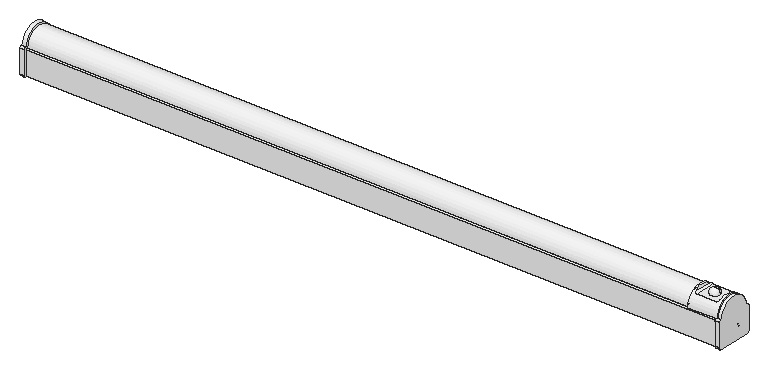
Revit family "0045217 Feilo Sylvania Lighting Fixture SYLBATTEN LED5-5 NW TP3 PIR", category Lighting Fixtures, host Face, Revit 2017
Family settings
  Host = Face
  Round Connector Dimension = Use Diameter
  Part Type = Normal
  OmniClass Number = 23.80.70.00
  OmniClass Title = Lighting
  Cut with Voids When Loaded = No
  Light Source = Yes
  Shared = No
  Room Calculation Point = No
Parameters (values of type "0045217 SYLBATTEN LED5.5 NW TP3 PIR")
  Width_FEILO = 66 mm
  Weight = "2.75 kg"
  Wattage Comments = "n/a"
  Wattage = 53 W
  WarrantyStartDate [instance] = "n/a"
  WarrantyGuarantorParts = "n/a"
  WarrantyDurationUnit = "n/a"
  WarrantyDurationParts = "n/a"
  WarrantyDescription = "n/a"
  built-in parameter 1150110 = 1 (stored number, unit not read)
  Voltage = 230 V
  URL = "http://www.sylvania-lighting.com"
  TypeName = "SYLBATTEN LED5.5 NW TP3 PIR"
  Type Image = <None>
  Type Comments = "n/a"
  built-in parameter 1114217 = 1 (stored number, unit not read)
  Tilt Angle = -90.00°
  built-in parameter 1150109 = 1 (stored number, unit not read)
  built-in parameter 1150134 = 12
  SymReflector_FEILO = no
  built-in parameter 1150113 = 1 (stored number, unit not read)
  SerialNumber [instance] = "n/a"
  RadiusPIR_FEILO = 9 mm
  RadiusDiffuser_FEILO = 27 mm
  PowerFactor = 0
  PowerConsumption = "53 W"
  Photometric Web File = "0045217.ies"
  NominalLength = 1305 mm
  NominalHeight = 76 mm
  NominalDepth = 66 mm
  Name = "SYLBATTEN LED5.5 NW TP3 PIR"
  ModelReference = Name  # "SYLBATTEN LED5.5 NW TP3 PIR"
  ModelNumber = "0045217"
  Model = Name  # "SYLBATTEN LED5.5 NW TP3 PIR"
  Material_4_FEILO = Reflector-Sylvania-Sylbatten-White
  Material_3_FEILO = Diffuser-Sylvania-Sylbatten-Glow
  Material_2_FEILO = Body-Sylvania-Sylbatten-White
  Material_1_FEILO = Body-Sylvania-Sylbatten-White
  Material = "sheet steel housing, polycarbonate diffuser"
  ManufacturerName = "Feilo Sylvania"
  Manufacturer = "Feilo Sylvania"
  LuminousEfficacy = "106.2 lm/W"
  built-in parameter 1150105 = 1584.5 (stored number, unit not read)
  Lumens = 5629.66 lm
  LuminaireType = ""
  built-in parameter 1150115 = 1 (stored number, unit not read)
  LightOutputRatio = "100"
  built-in parameter 1150137 = (empty or 0)
  built-in parameter 1150139 = (empty or 0)
  Length_FEILO = 1305 mm
  LampsType = Lamp  # "LED"
  LampNominalLuminous = "5630 lm"
  LampMacAdamStep = "n/a"
  LampColourTemperature = "4000 K"
  LampColourRenderingIndex = "80"
  built-in parameter 1150112 = 1 (stored number, unit not read)
  built-in parameter 1150114 = 1 (stored number, unit not read)
  Lamp = "LED"
  Keynote = "16500"
  InstallationDate [instance] = "n/a"
  InputVoltage = "220-240V~"
  InputNominalFrequency = "n/a"
  built-in parameter 1150132 = (empty or 0)
  built-in parameter 1150102 = (empty or 0)
  built-in parameter 1150107 = 4000 (stored number, unit not read)
  built-in parameter 1150138 = (empty or 0)
  IngressProtection = "IP20"
  ImpactProtectionIndex = "IK07"
  built-in parameter 1150106 = 15.845 (stored number, unit not read)
  IfcExportType = "IfcLightFixtureType"
  IfcExportAs = "IfcLightFixtureType"
  Height_FEILO = 76 mm
  ExpectedLife = 50000
  Emit from Rectangle Width = Length_FEILO - 16 mm - 55 mm  # 1234 mm
  Emit from Rectangle Length = Width_FEILO - 40 mm  # 26 mm
  Emit Shape Visible in Rendering = no
  ElectricShockClassification = "Class I"
  built-in parameter 1150104 = 9.8682 (stored number, unit not read)
  DurationUnit = "hours"
  DocumentationLiterature = "http://www.sylvania-lighting.com/product/en-int/products/0045217"
  DimmingControlOptions = "n/a"
  Dimming Lamp Color Temperature Shift = <None>
  Description = "LED batten, T8 replacement, ease of installation through 2 part push-in design of the housing (safety cable included), through wiring capability (TP3 = 3 core), sheet steel, 5630LM, 53W, 106lm/W, 4000K, drive current: 350mA, CRI 80, 138° wide beam angle, electronic driver (non dimmable), with integrated PIR sensor, IP20, IK07, 50,000 hrs (L70), (LxWxH) 1205x66x76mm, 5 step MacAdam ellipse, 3kg, white RAL9016, Class 1, 220-240V, energy class: A++, A+, A."
  Default Elevation = 1219.2 mm
  CreatedOn = "2/1/2018"
  CreatedBy = ""
  Cost = 0
  Color Filter = 16777215
  built-in parameter 1114216 [instance] = (empty or 0)
  ClassificationValue = "EF_70_80"
  ClassificationName = "Uniclass2015"
  CapOffset_FEILO = 2 mm
  BarCode [instance] = "n/a"
  built-in parameter 1114218 = 1 (stored number, unit not read)
  BackReflector_FEILO = and(not(AsymReflector_FEILO), SymReflector_FEILO)  # no
  built-in parameter 1150133 = 10 (stored number, unit not read)
  FrontReflector_FEILO = or(AsymReflector_FEILO, SymReflector_FEILO)  # no
  AsymReflector_FEILO = no
  AssetType = "Fixed"
  AssetIdentifier [instance] = "n/a"
  Assembly Code = "D5020200"
  Apparent Load = 53 VA
Reference planes
  plane 1 "Center (Front/Back)": y = 0
  plane 2: z = 0
  plane 3 "Center (Left/Right)": x = 0
  plane 4: x = 652.5
  plane 5: x = -652.5
  plane 6: y = 33
  plane 7: y = -33
  plane 8: z = 76
  plane 9: z = 47
  plane 10: y = -29
  plane 11: y = 29
  plane 12: z = 20
  plane 13: z = 74
  plane 14: y = -31
  plane 15: y = -27
  plane 16: y = 27
  plane 17: y = 31
  plane 18: z = 2
  plane 19: x = -644.5
  plane 20: x = 644.5
  plane 21: z = 49
  plane 22: y = 1
  plane 23: y = -1
  plane 24: z = 21
  plane 25: z = 19
  plane 26: y = -61
  plane 27: y = 61
  plane 28: y = -56
  plane 29: y = 56
  plane 30: z = 91
  plane 31: z = 88
  plane 32: x = 589.5
  plane 33: x = 595.5
  plane 34: x = 638.5
  plane 35: z = 69
  plane 36: x = 617
  plane 37: x = -27.5
Forms (mm)
  Extrusion 1, solid, material "Body-Sylvania-Sylbatten-White" <- "Material_2_FEILO"
    sketch origin (0, 0, 0) x (0, 1, 0) y (0, 0, 1)
      loop
        line (-31, 2) -> (31, 2) -> (31, 45)
        arc (31, 45) -> (30.414, 46.414) -> (29, 47) r 2
        line (29, 47) -> (-29, 47)
        arc (-29, 47) -> (-30.414, 46.414) -> (-31, 45) r 2
        line (-31, 45) -> (-31, 2)
    from -644.5 to 644.5
  Extrusion 2, solid, material "Body-Sylvania-Sylbatten-White" <- "Material_2_FEILO"
    sketch origin (652.5, 1524, 1219.2) x (0, 1, 0) y (0, 0, 1)
      loop
        arc (-1494, -1219.2) -> (-1491.879, -1218.321) -> (-1491, -1216.2) r 3
        line (-1491, -1216.2) -> (-1491, -1173.2)
        arc (-1491, -1173.2) -> (-1491.879, -1171.079) -> (-1494, -1170.2) r 3
        line (-1494, -1170.2) -> (-1495.069, -1170.2)
        arc (-1495.069, -1170.2) -> (-1524, -1143.2) -> (-1552.931, -1170.2) r 29
        line (-1552.931, -1170.2) -> (-1554, -1170.2)
        arc (-1554, -1170.2) -> (-1556.121, -1171.079) -> (-1557, -1173.2) r 3
        line (-1557, -1173.2) -> (-1557, -1216.2)
        arc (-1557, -1216.2) -> (-1556.121, -1218.321) -> (-1554, -1219.2) r 3
        line (-1554, -1219.2) -> (-1494, -1219.2)
      loop
        arc (-1525, -1189.25) -> (-1531.071, -1192.129) -> (-1533.95, -1198.2) r 10
        line (-1533.95, -1198.2) -> (-1532.944, -1198.2)
        arc (-1532.944, -1198.2) -> (-1530.364, -1192.836) -> (-1525, -1190.256) r 9
        line (-1525, -1190.256) -> (-1525, -1189.25)
      loop
        arc (-1523, -1190.256) -> (-1517.636, -1192.836) -> (-1515.056, -1198.2) r 9
        line (-1515.056, -1198.2) -> (-1514.05, -1198.2)
        arc (-1514.05, -1198.2) -> (-1516.929, -1192.129) -> (-1523, -1189.25) r 10
        line (-1523, -1189.25) -> (-1523, -1190.256)
      loop
        line (-1532.944, -1200.2) -> (-1533.95, -1200.2)
        arc (-1533.95, -1200.2) -> (-1531.071, -1206.271) -> (-1525, -1209.15) r 10
        line (-1525, -1209.15) -> (-1525, -1208.144)
        arc (-1525, -1208.144) -> (-1530.364, -1205.564) -> (-1532.944, -1200.2) r 9
      loop
        arc (-1515.056, -1200.2) -> (-1517.636, -1205.564) -> (-1523, -1208.144) r 9
        line (-1523, -1208.144) -> (-1523, -1209.15)
        arc (-1523, -1209.15) -> (-1516.929, -1206.271) -> (-1514.05, -1200.2) r 10
        line (-1514.05, -1200.2) -> (-1515.056, -1200.2)
    from 0 to -8
  Extrusion 3, solid, material "Body-Sylvania-Sylbatten-White" <- "Material_2_FEILO"
    sketch origin (-652.5, 1524, 1219.2) x (0, 1, 0) y (0, 0, 1)
      loop
        arc (-1495.069, -1170.2) -> (-1524, -1143.2) -> (-1552.931, -1170.2) r 29
        line (-1552.931, -1170.2) -> (-1554, -1170.2)
        arc (-1554, -1170.2) -> (-1556.121, -1171.079) -> (-1557, -1173.2) r 3
        line (-1557, -1173.2) -> (-1557, -1216.2)
        arc (-1557, -1216.2) -> (-1556.121, -1218.321) -> (-1554, -1219.2) r 3
        line (-1554, -1219.2) -> (-1494, -1219.2)
        arc (-1494, -1219.2) -> (-1491.879, -1218.321) -> (-1491, -1216.2) r 3
        line (-1491, -1216.2) -> (-1491, -1173.2)
        arc (-1491, -1173.2) -> (-1491.879, -1171.079) -> (-1494, -1170.2) r 3
        line (-1494, -1170.2) -> (-1495.069, -1170.2)
      loop
        line (-1533.95, -1198.2) -> (-1532.944, -1198.2)
        arc (-1532.944, -1198.2) -> (-1530.364, -1192.836) -> (-1525, -1190.256) r 9
        line (-1525, -1190.256) -> (-1525, -1189.25)
        arc (-1525, -1189.25) -> (-1531.071, -1192.129) -> (-1533.95, -1198.2) r 10
      loop
        line (-1523, -1189.25) -> (-1523, -1190.256)
        arc (-1523, -1190.256) -> (-1517.636, -1192.836) -> (-1515.056, -1198.2) r 9
        line (-1515.056, -1198.2) -> (-1514.05, -1198.2)
        arc (-1514.05, -1198.2) -> (-1516.929, -1192.129) -> (-1523, -1189.25) r 10
      loop
        line (-1514.05, -1200.2) -> (-1515.056, -1200.2)
        arc (-1515.056, -1200.2) -> (-1517.636, -1205.564) -> (-1523, -1208.144) r 9
        line (-1523, -1208.144) -> (-1523, -1209.15)
        arc (-1523, -1209.15) -> (-1516.929, -1206.271) -> (-1514.05, -1200.2) r 10
      loop
        line (-1525, -1209.15) -> (-1525, -1208.144)
        arc (-1525, -1208.144) -> (-1530.364, -1205.564) -> (-1532.944, -1200.2) r 9
        line (-1532.944, -1200.2) -> (-1533.95, -1200.2)
        arc (-1533.95, -1200.2) -> (-1531.071, -1206.271) -> (-1525, -1209.15) r 10
    from 0 to 8
  Extrusion 4, solid, material "Reflector-Sylvania-Sylbatten-White" <- "Material_4_FEILO", visible <- "FrontReflector_FEILO"
    sketch origin (0, 0, 0) x (0, 1, 0) y (0, 0, 1)
      loop
        line (-61.257, 88.429) -> (-60.743, 87.571) -> (-56.621, 90.044)
        arc (-56.621, 90.044) -> (-56.237, 90.099) -> (-55.929, 89.863) r 0.5
        line (-55.929, 89.863) -> (-31.435, 46.753) -> (-30.565, 47.247) -> (-55.312, 90.802)
        arc (-55.312, 90.802) -> (-55.928, 91.275) -> (-56.696, 91.165) r 1
        line (-56.696, 91.165) -> (-61.257, 88.429)
    from -644.5 to 644.5
  Extrusion 5, solid, material "Reflector-Sylvania-Sylbatten-White" <- "Material_4_FEILO", visible <- "BackReflector_FEILO"
    sketch origin (0, 0, 0) x (0, 1, 0) y (0, 0, 1)
      loop
        line (30.565, 47.247) -> (31.435, 46.753) -> (55.932, 89.868)
        arc (55.932, 89.868) -> (56.245, 90.112) -> (56.638, 90.062) r 0.518
        line (56.638, 90.062) -> (61.033, 87.565) -> (61.527, 88.435) -> (56.682, 91.188)
        arc (56.682, 91.188) -> (55.922, 91.282) -> (55.318, 90.812) r 1
        line (55.318, 90.812) -> (30.565, 47.247)
    from -644.5 to 644.5
  Extrusion 6, solid, material "Diffuser-Sylvania-Sylbatten-Glow" <- "Material_3_FEILO"
    sketch origin (0, 0, 0) x (0, 1, 0) y (0, 0, 1)
      loop
        arc (27, 47) -> (0, 74) -> (-27, 47) r 27
        line (-27, 47) -> (27, 47)
    from -644.5 to 589.5
  Extrusion 7, solid, material "Body-Sylvania-Sylbatten-White" <- "Material_2_FEILO"
    sketch origin (589.5, 1524, 1219.2) x (0, 1, 0) y (0, 0, 1)
      loop
        arc (-1495, -1172.2) -> (-1524, -1143.2) -> (-1553, -1172.2) r 29
        line (-1553, -1172.2) -> (-1495, -1172.2)
    from 0 to 55
  Extrusion 8, void
    sketch origin (0, 0, 0) x (1, 0, 0) y (0, 0, 1)
      loop
        line (598.432, 69) -> (635.568, 69)
        arc (635.568, 69) -> (637.933, 69.774) -> (639.383, 71.795) r 4
        line (639.383, 71.795) -> (644.5, 88) -> (589.5, 88) -> (594.617, 71.795)
        arc (594.617, 71.795) -> (596.067, 69.774) -> (598.432, 69) r 4
    from -27 to 27
  Revolve 9, solid, material "Body-Sylvania-Sylbatten-White" <- "Material_2_FEILO"
    sketch origin (0, 0, 0) x (1, 0, 0) y (0, 0, 1)
      loop
        arc (626, 69) -> (623.364, 75.364) -> (617, 78) r 9
        line (617, 78) -> (617, 69) -> (626, 69)
      axis (617, 78) -> (617, 69)
    angle from 360 to 0
Cuts and joins
  Extrusion 8 cuts Extrusion 7
Lines and regions (mm)
  reference lines
    curve 1: line (0, -61, 88) -> (0, -56, 91)
    curve 2: line (0, -56, 91) -> (0, -31, 47)
    curve 3: line (0, 31, 47) -> (0, 56, 91)
    curve 4: line (0, 56, 91) -> (0, 61.28, 88)
Dimensions and locks
  equal spacing: plane 5, plane 3 "Center (Left/Right)", plane 4
  equal spacing: plane 7, plane 1 "Center (Front/Back)", plane 6
  "Width_FEILO": plane 7 to plane 6
  "Length_FEILO": plane 5 to plane 4
  "Height_FEILO": plane 8 to plane 2
  locked: plane 9 to plane 8 at 29
  equal spacing: plane 10, plane 1 "Center (Front/Back)", plane 11
  locked: plane 7 to plane 10 at 4
  locked: plane 12 to plane 2 at 20
  "CapOffset_FEILO": plane 13 to plane 8
  "CapOffset_FEILO": plane 7 to plane 14
  "CapOffset_FEILO": plane 10 to plane 15
  "CapOffset_FEILO": plane 17 to plane 6
  "CapOffset_FEILO": plane 16 to plane 11
  "CapOffset_FEILO": plane 18 to plane 2
  locked: plane 14 to Extrusion 1 sketch curve at 2
  locked: Extrusion 1 sketch curve to plane 9 at 2  (x2)
  locked: plane 16 to Extrusion 1 sketch curve at 2
  equal spacing: plane 19, plane 3 "Center (Left/Right)", plane 20
  locked: plane 5 to plane 19 at 8
  "CapOffset_FEILO": plane 9 to plane 21
  locked: Extrusion 2 sketch curve to plane 2 at 47
  locked: Extrusion 2 sketch curve to plane 2 at 3  (x2)
  locked: plane 7 to Extrusion 2 sketch curve at 3  (x2)
  locked: Extrusion 2 sketch curve to plane 6 at 3  (x2)
  locked: Extrusion 2 sketch curve to plane 21 at 3  (x2)
  equal spacing: plane 23, plane 1 "Center (Front/Back)", plane 22
  equal spacing: plane 25, plane 12, plane 24
  plane 30 to plane 31 to plane 2 = 3 mm locked, 88 mm locked
  plane 28 to plane 29 = 112 mm
  plane 26 to plane 27 = 122 mm
  locked: plane 32 to plane 20 at 55
  plane 20 to plane 34 = 6 mm
  plane 33 to plane 32 = 6 mm
  plane 21 to plane 35 = 20 mm
  locked: Extrusion 8 sketch curve to plane 35 at 4  (x2)
  locked: Extrusion 8 sketch curve to plane 33 at 2.932
  locked: plane 34 to Extrusion 8 sketch curve at 2.932
  equal spacing: plane 34, plane 36, plane 33
  locked: plane 37 to plane 3 "Center (Left/Right)" at 27.5
  "RadiusDiffuser_FEILO": radius of Extrusion 6 sketch curve
  "RadiusPIR_FEILO": radius of Revolve 9 sketch curve
  aligned and locked: plane 2 to host face
  aligned and locked: level to host face
  aligned and locked: plane 18 to Extrusion 1 sketch curve
  aligned and locked: plane 14 to Extrusion 1 sketch curve
  aligned and locked: Extrusion 1 sketch curve to plane 9
  aligned and locked: Extrusion 1 sketch curve to plane 17
  aligned and locked: plane 20 to Extrusion 1
  aligned and locked: level to Extrusion 2 sketch curve
  aligned and locked: Extrusion 2 sketch curve to plane 7
  aligned and locked: plane 21 to Extrusion 2 sketch curve
  aligned and locked: Extrusion 2 sketch curve to plane 21
  aligned and locked: plane 1 "Center (Front/Back)" to Extrusion 2 sketch curve  (x3)
  aligned and locked: Extrusion 2 to Extrusion 1
  aligned and locked: plane 4 to Extrusion 2
  aligned and locked: plane 12 to Extrusion 2 sketch curve  (x2)
  aligned and locked: Extrusion 2 sketch curve to plane 22
  aligned and locked: Extrusion 2 sketch curve to plane 23
  aligned and locked: Extrusion 2 sketch curve to plane 24
  aligned and locked: Extrusion 2 sketch curve to plane 25
  aligned and locked: plane 25 to Extrusion 2 sketch curve
  aligned and locked: plane 22 to Extrusion 2 sketch curve
  aligned and locked: plane 24 to Extrusion 2 sketch curve
  aligned and locked: plane 23 to Extrusion 2 sketch curve  (x2)
  aligned and locked: Extrusion 3 sketch curve to Extrusion 2  (x22)
  aligned and locked: Extrusion 3 to Extrusion 1
  aligned and locked: Extrusion 3 to plane 5
  aligned and locked: plane 19 to Extrusion 3
  aligned and locked: plane 31 to curve 1
  aligned and locked: plane 30 to curve 1
  aligned and locked: plane 14 to curve 2
  aligned and locked: plane 9 to curve 2
  aligned and locked: plane 17 to curve 3
  aligned and locked: plane 30 to curve 3
  aligned and locked: plane 31 to curve 4
  aligned and locked: Extrusion 4 sketch curve to curve 2
  aligned and locked: Extrusion 4 sketch curve to curve 1
  aligned and locked: Extrusion 4 to Extrusion 1
  aligned and locked: Extrusion 1 to Extrusion 4
  aligned and locked: imposter light to plane 1 "Center (Front/Back)"
  aligned and locked: imposter light to plane 13
  aligned and locked: Extrusion 5 sketch curve to curve 4
  aligned and locked: Extrusion 5 sketch curve to curve 3
  aligned and locked: Extrusion 1 to Extrusion 5
  aligned and locked: Extrusion 5 to Extrusion 1
  aligned and locked: plane 9 to Extrusion 6 sketch curve  (x3)
  aligned and locked: plane 15 to Extrusion 6 sketch curve
  aligned and locked: plane 32 to Extrusion 6
  aligned and locked: Extrusion 1 to Extrusion 6
  aligned and locked: Extrusion 1 to Extrusion 7
  aligned and locked: Extrusion 7 to plane 32
  aligned and locked: Extrusion 7 sketch curve to Extrusion 2
  aligned and locked: Extrusion 7 sketch curve to Extrusion 1
  aligned and locked: Extrusion 1 to Extrusion 7 sketch curve
  aligned and locked: plane 35 to Extrusion 8 sketch curve
  aligned and locked: plane 15 to Extrusion 8
  aligned and locked: Extrusion 8 to plane 16
  aligned and locked: plane 31 to Extrusion 8 sketch curve  (x2)
  aligned and locked: plane 32 to Extrusion 8 sketch curve
  aligned and locked: plane 20 to Extrusion 8 sketch curve
  aligned and locked: Revolve 9 sketch curve to plane 36  (x2)
  aligned and locked: cut or joined group of Extrusion 7, Extrusion 8 to Revolve 9 sketch curve
  aligned and locked: imposter light to plane 37
Automatic sketch dimensions
  host sketch curve to host sketch curve = 2438.4 mm  (x2)
  Extrusion 2 sketch curve to Extrusion 2 sketch curve = 0 mm  (x14)
  Extrusion 2 sketch curve to plane 10 = 0.069 mm
  plane 23 to Extrusion 2 sketch curve = 8.95 mm
  Extrusion 2 sketch curve to Extrusion 2 sketch curve = 1.006 mm  (x4)
  Extrusion 2 sketch curve to plane 22 = 7.944 mm
  curve 1 to plane 26 = 0 mm
  curve 2 to plane 28 = 0 mm
  curve 4 to plane 29 = 0 mm
  plane 9 to curve 3 = 0 mm
  plane 26 to Extrusion 4 sketch curve = 0.257 mm
  Extrusion 4 sketch curve to plane 26 = 0.257 mm
  Extrusion 4 sketch curve to plane 30 = 0.165 mm
  plane 28 to Extrusion 4 sketch curve = 0.696 mm
  plane 28 to Extrusion 4 sketch curve = 0.621 mm
  plane 28 to Extrusion 4 sketch curve = 0.364 mm
  plane 28 to Extrusion 4 sketch curve = 0.182 mm
  Extrusion 4 sketch curve to plane 28 = 0.071 mm
  plane 30 to Extrusion 4 sketch curve = 0.198 mm
  Extrusion 4 sketch curve to plane 28 = 0.688 mm
  plane 9 to Extrusion 4 sketch curve = 0.247 mm
  plane 1 "Center (Front/Back)" to Extrusion 4 sketch curve = 31.435 mm
  Extrusion 5 sketch curve to plane 9 = 0.247 mm
  Extrusion 5 sketch curve to plane 1 "Center (Front/Back)" = 30.565 mm
  plane 9 to Extrusion 5 sketch curve = 0.247 mm
  plane 30 to Extrusion 5 sketch curve = 0.188 mm
  plane 29 to Extrusion 5 sketch curve = 0.068 mm
  Extrusion 5 sketch curve to plane 29 = 0.188 mm
  Extrusion 5 sketch curve to plane 29 = 0.382 mm
  Extrusion 5 sketch curve to Extrusion 5 sketch curve = 0.256 mm
  Extrusion 5 sketch curve to plane 30 = 0.188 mm
  Extrusion 5 sketch curve to plane 29 = 0.682 mm
  Extrusion 5 sketch curve to plane 27 = 0.033 mm
  Extrusion 5 sketch curve to plane 27 = 0.527 mm
  Extrusion 8 sketch curve to plane 33 = 0.883 mm
  plane 34 to Extrusion 8 sketch curve = 0.883 mm
  Revolve 9 sketch curve to plane 35 = 0 mm
  Revolve 9 sketch curve to plane 30 = 2347.4 mm
Connectors
  electrical at (0, 0, 0), driven by "Apparent Load", driven by "PowerFactor", driven by "Voltage"
    settings: index 1, voltage 230 V, apparent load 53 VA, apparent load phase1 0 VA, apparent load phase2 0 VA, apparent load phase3 0 VA, power factor 0, load classification "Lighting", number of poles 1, system type 30, power factor state 1, is connector primary yes, connector utility no, sub classification motor no, connector description ""
